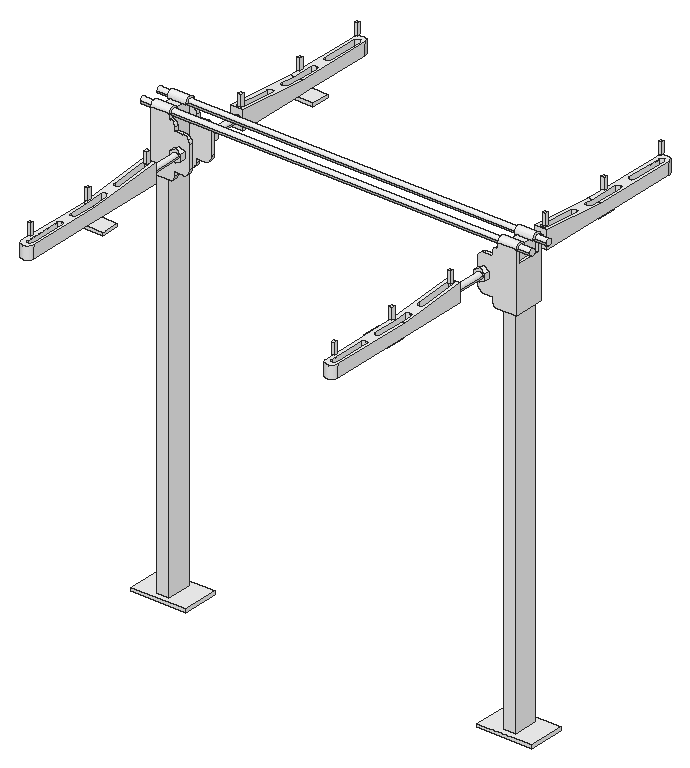
Revit family "MC-41D", category Plumbing Fixtures, host Face, Revit 2026
Family settings
  Host = Face
  Round Connector Dimension = Use Diameter
  Part Type = Normal
  Classification Number = 23.45.05.21.11
  Enable Cutting in Views = No
  Cut with Voids When Loaded = No
  Maintain Annotation Orientation = No
  Shared = No
  Room Calculation Point = No
Parameters
  WFU = 0
  URL = "www.mifab.com"
  Model = "MC-41D"
  Manufacturer = "MIFAB"
  Floor Drain Material = Paint - Sherwin Williams Paint - #952C2A - Bellwood Red
  Description = "Back To Back Fixture Carrier With Concealed Arms"
  Default Elevation = 0.000"
  Assembly Code = ""
Reference planes (in)
  plane 1 "Center (Front/Back)": y = 0
  plane 2: z = 0
  plane 3 "Center (Left/Right)": x = 0
Forms (in)
  Extrusion 1, solid, material "Paint - Sherwin Williams Paint - #952C2A - Bellwood Red" <- "Floor Drain Material"
    sketch origin (-0.29196, 0, 0) x (1, 0, 0) y (0, 1, 0)
      loop
        line (-16.49824, 1.5) -> (-16.49824, -1.5) -> (-11.99824, -1.5) -> (-11.99824, 1.5) -> (-16.49824, 1.5)
      loop
        line (16.50176, 1.5) -> (12.00176, 1.5) -> (12.00176, -1.5) -> (16.50176, -1.5) -> (16.50176, 1.5)
    from 0 to 0.25
  Extrusion 2, solid, material "Paint - Sherwin Williams Paint - #952C2A - Bellwood Red" <- "Floor Drain Material"
    sketch origin (-0.29196, 0, 0) x (1, 0, 0) y (0, 1, 0)
      loop
        line (-14.74824, 1) -> (-14.74824, -1) -> (-13.74824, -1) -> (-13.74824, 1) -> (-14.74824, 1)
      loop
        line (14.75176, 1) -> (13.75176, 1) -> (13.75176, -1) -> (14.75176, -1) -> (14.75176, 1)
    from 0.25 to 36
  Extrusion 3, solid, material "Paint - Sherwin Williams Paint - #952C2A - Bellwood Red" <- "Floor Drain Material"
    sketch origin (-0.29196, 0, 0) x (1, 0, 0) y (0, 0, 1)
      loop
        line (-15.01765, 35.70792) -> (-15.01765, 31.20792) -> (-13.5084, 31.20792)
        arc (-13.5084, 31.20792) -> (-13.18348, 31.3425) -> (-13.0489, 31.66742) r 0.4595
        line (-13.0489, 31.66742) -> (-13.0489, 31.95792) -> (-12.40223, 31.95792)
        arc (-12.40223, 31.95792) -> (-11.99771, 32.12548) -> (-11.83015, 32.53) r 0.57208
        line (-11.83015, 32.53) -> (-11.83015, 34.38583)
        arc (-11.83015, 34.38583) -> (-11.99771, 34.79036) -> (-12.40223, 34.95792) r 0.57208
        line (-12.40223, 34.95792) -> (-13.0489, 34.95792) -> (-13.0489, 35.24842)
        arc (-13.0489, 35.24842) -> (-13.18348, 35.57333) -> (-13.5084, 35.70792) r 0.4595
        line (-13.5084, 35.70792) -> (-15.01765, 35.70792)
      loop
        line (15.02118, 35.70792) -> (13.51193, 35.70792)
        arc (13.51193, 35.70792) -> (13.18701, 35.57333) -> (13.05243, 35.24842) r 0.4595
        line (13.05243, 35.24842) -> (13.05243, 34.95792) -> (12.40576, 34.95792)
        arc (12.40576, 34.95792) -> (12.00124, 34.79036) -> (11.83368, 34.38583) r 0.57208
        line (11.83368, 34.38583) -> (11.83368, 32.53)
        arc (11.83368, 32.53) -> (12.00124, 32.12548) -> (12.40576, 31.95792) r 0.57208
        line (12.40576, 31.95792) -> (13.05243, 31.95792) -> (13.05243, 31.66742)
        arc (13.05243, 31.66742) -> (13.18701, 31.3425) -> (13.51193, 31.20792) r 0.4595
        line (13.51193, 31.20792) -> (15.02118, 31.20792) -> (15.02118, 35.70792)
    from 1 to 1.25
  Extrusion 4, solid, material "Paint - Sherwin Williams Paint - #952C2A - Bellwood Red" <- "Floor Drain Material"
    sketch origin (-0.29196, 0, 0) x (1, 0, 0) y (0, 1, 0)
      loop
        line (-15.01765, 1) -> (-15.01765, -1) -> (-14.74824, -1) -> (-14.74824, 1) -> (-15.01765, 1)
      loop
        line (15.02118, 1) -> (14.75176, 1) -> (14.75176, -1) -> (15.02118, -1) -> (15.02118, 1)
    from 31.20792 to 34.95792
  Extrusion 5, solid, material "Paint - Sherwin Williams Paint - #952C2A - Bellwood Red" <- "Floor Drain Material"
    sketch origin (-0.2902, 0, 0) x (0, 1, 0) y (0, 0, 1)
      loop
        arc (-1, 36.05469) -> (-0.8261, 36.19805) -> (-0.71854, 36) r 0.14604
        line (-0.71854, 36) -> (-0.46171, 36)
        arc (-0.46171, 36) -> (-0.82655, 36.44978) -> (-1.25, 36.05469) r 0.39604
        line (-1.25, 36.05469) -> (-1.25, 35.70792) -> (-1, 35.70792) -> (-1, 36.05469)
    from 13.51016 to 15.01941
  Extrusion 6, solid, material "Paint - Sherwin Williams Paint - #952C2A - Bellwood Red" <- "Floor Drain Material"
    sketch origin (-0.29196, 0, 0) x (0, 1, 0) y (0, 0, -1)
      loop
        line (-1, -36.05469) -> (-1, -35.70792) -> (-1.25, -35.70792) -> (-1.25, -36.05469)
        arc (-1.25, -36.05469) -> (-0.82655, -36.44978) -> (-0.46171, -36) r 0.39604
        line (-0.46171, -36) -> (-0.71854, -36)
        arc (-0.71854, -36) -> (-0.8261, -36.19805) -> (-1, -36.05469) r 0.14604
    from 13.51016 to 15.01941
  Extrusion 7, solid, material "Paint - Sherwin Williams Paint - #952C2A - Bellwood Red" <- "Floor Drain Material"
    sketch origin (63.95522, 0, 0) x (0, 1, 0) y (0, 0, 1)
      loop
        circle (-0.85396, 36.06641) r 0.25
    from -80.24542 to -48.24542
  Extrusion 8, solid, material "Paint - Sherwin Williams Paint - #952C2A - Bellwood Red" <- "Floor Drain Material"
    sketch origin (11.65492, 1.72667, 0) x (0, 1, 0) y (0, 0, 1)
      loop
        line (-6.17964, 32.8507) -> (-6.17964, 34.3425) -> (-11.80094, 33.8507) -> (-18.14504, 33.8507) -> (-18.14504, 32.8507) -> (-6.17964, 32.8507)
    from 0 to 1
  Extrusion 9, solid, material "Paint - Sherwin Williams Paint - #952C2A - Bellwood Red" <- "Floor Drain Material"
    sketch origin (-2.04196, 0, 0.26247) x (1, 0, 0) y (0, 0, 1)
      loop
        circle (14.25176, 33.3507) r 0.25
      loop
        circle (-10.74824, 33.3507) r 0.25
    from 1.88789 to 4.45296
  Extrusion 10, solid, material "Paint - Sherwin Williams Paint - #952C2A - Bellwood Red" <- "Floor Drain Material"
    sketch origin (-0.29196, 0, 0) x (1, 0, 0) y (0, 0, 1)
      loop
        line (12.05665, 33.87016) -> (12.05665, 33.35618) -> (12.50176, 33.09919) -> (12.94688, 33.35618) -> (12.94688, 33.87016) -> (12.50176, 34.12715) -> (12.05665, 33.87016)
      loop
        line (-12.05312, 33.87016) -> (-12.49824, 34.12715) -> (-12.94335, 33.87016) -> (-12.94335, 33.35618) -> (-12.49824, 33.09919) -> (-12.05312, 33.35618) -> (-12.05312, 33.87016)
    from 1.5 to 1.88789
  Extrusion 11, solid, material "Paint - Sherwin Williams Paint - #952C2A - Bellwood Red" <- "Floor Drain Material"
    sketch origin (-12.33166, 1.12131, 0) x (0, 1, 0) y (0, 0, -1)
      loop
        line (-5.57427, -32.8507) -> (-17.53967, -32.8507) -> (-17.53967, -33.8507) -> (-11.80094, -33.8507) -> (-5.57427, -34.39547) -> (-5.57427, -32.8507)
    from 0 to 1
  Extrusion 12, solid, material "Paint - Sherwin Williams Paint - #952C2A - Bellwood Red" <- "Floor Drain Material"
    sketch origin (1.46157, 0, 32.8507) x (-1, 0, 0) y (0, -1, 0)
      loop
        line (13.79323, 16.41836) -> (14.79323, 16.41836) -> (14.79323, 17)
        arc (14.79323, 17) -> (14.29323, 17.5) -> (13.79323, 17) r 0.5
        line (13.79323, 17) -> (13.79323, 16.41836)
    from 0 to 1
  Extrusion 13, solid, material "Paint - Sherwin Williams Paint - #952C2A - Bellwood Red" <- "Floor Drain Material"
    sketch origin (-2.04196, 0, 32.8507) x (1, 0, 0) y (0, 1, 0)
      loop
        line (13.69688, -16.41836) -> (13.69688, -17)
        arc (13.69688, -17) -> (14.19688, -17.5) -> (14.69688, -17) r 0.5
        line (14.69688, -17) -> (14.69688, -16.41836) -> (13.69688, -16.41836)
    from 0 to 1
  Extrusion 14, void
    sketch origin (-0.29196, 0, 0) x (1, 0, 0) y (0, 1, 0)
      loop
        line (-12.74824, -4.80094) -> (-12.74824, -7.80094)
        arc (-12.74824, -7.80094) -> (-12.49824, -8.05094) -> (-12.24824, -7.80094) r 0.25
        line (-12.24824, -7.80094) -> (-12.24824, -4.80094)
        arc (-12.24824, -4.80094) -> (-12.49824, -4.55094) -> (-12.74824, -4.80094) r 0.25
      loop
        line (-12.74824, -9.30094) -> (-12.74824, -12.30094)
        arc (-12.74824, -12.30094) -> (-12.49824, -12.55094) -> (-12.24824, -12.30094) r 0.25
        line (-12.24824, -12.30094) -> (-12.24824, -9.30094)
        arc (-12.24824, -9.30094) -> (-12.49824, -9.05094) -> (-12.74824, -9.30094) r 0.25
      loop
        line (-12.74824, -13.80094) -> (-12.74824, -16.80094)
        arc (-12.74824, -16.80094) -> (-12.49824, -17.05094) -> (-12.24824, -16.80094) r 0.25
        line (-12.24824, -16.80094) -> (-12.24824, -13.80094)
        arc (-12.24824, -13.80094) -> (-12.49824, -13.55094) -> (-12.74824, -13.80094) r 0.25
      loop
        arc (12.75176, -4.80094) -> (12.50176, -4.55094) -> (12.25176, -4.80094) r 0.25
        line (12.25176, -4.80094) -> (12.25176, -7.80094)
        arc (12.25176, -7.80094) -> (12.50176, -8.05094) -> (12.75176, -7.80094) r 0.25
        line (12.75176, -7.80094) -> (12.75176, -4.80094)
      loop
        arc (12.75176, -9.30094) -> (12.50176, -9.05094) -> (12.25176, -9.30094) r 0.25
        line (12.25176, -9.30094) -> (12.25176, -12.30094)
        arc (12.25176, -12.30094) -> (12.50176, -12.55094) -> (12.75176, -12.30094) r 0.25
        line (12.75176, -12.30094) -> (12.75176, -9.30094)
      loop
        arc (12.75176, -13.80094) -> (12.50176, -13.55094) -> (12.25176, -13.80094) r 0.25
        line (12.25176, -13.80094) -> (12.25176, -16.80094)
        arc (12.25176, -16.80094) -> (12.50176, -17.05094) -> (12.75176, -16.80094) r 0.25
        line (12.75176, -16.80094) -> (12.75176, -13.80094)
    from 33.29844 to 34.37564
  Extrusion 15, solid, material "Paint - Sherwin Williams Paint - #952C2A - Bellwood Red" <- "Floor Drain Material"
    sketch origin (-2.04196, 0, 0) x (1, 0, 0) y (0, 1, 0)
      loop
        line (14.37676, -16.67594) -> (14.12676, -16.67594) -> (14.12676, -16.92594) -> (14.37676, -16.92594) -> (14.37676, -16.67594)
      loop
        line (14.37676, -4.95816) -> (14.37676, -4.74539) -> (14.12676, -4.74539) -> (14.12676, -4.95816) -> (14.37676, -4.95816)
      loop
        line (-10.87324, -16.67594) -> (-10.87324, -16.92594) -> (-10.62324, -16.92594) -> (-10.62324, -16.67594) -> (-10.87324, -16.67594)
      loop
        line (-10.87324, -4.95816) -> (-10.62324, -4.95816) -> (-10.62324, -4.70816) -> (-10.87324, -4.70816) -> (-10.87324, -4.95816)
    from 33.29844 to 35.29844
  Extrusion 16, solid, material "Paint - Sherwin Williams Paint - #952C2A - Bellwood Red" <- "Floor Drain Material"
    sketch origin (-2.04196, 0, 0.64279) x (1, 0, 0) y (0, 1, 0)
      loop
        line (12.50176, -10.07993) -> (12.50176, -11.57993) -> (14.50176, -11.57993) -> (14.50176, -10.07993) -> (12.50176, -10.07993)
      loop
        line (-8.99824, -10.07993) -> (-10.99824, -10.07993) -> (-10.99824, -11.57993) -> (-8.99824, -11.57993) -> (-8.99824, -10.07993)
    from 31.95792 to 32.20792
  Extrusion 17, solid, material "Paint - Sherwin Williams Paint - #952C2A - Bellwood Red" <- "Floor Drain Material"
    sketch origin (-2.04196, 5.89811, 0) x (1, 0, 0) y (0, 1, 0)
      loop
        line (14.37676, -16.67594) -> (14.12676, -16.67594) -> (14.12676, -16.92594) -> (14.37676, -16.92594) -> (14.37676, -16.67594)
      loop
        line (-10.87324, -16.67594) -> (-10.87324, -16.92594) -> (-10.62324, -16.92594) -> (-10.62324, -16.67594) -> (-10.87324, -16.67594)
    from 33.29844 to 35.29844
  Extrusion 18, solid, material "Paint - Sherwin Williams Paint - #952C2A - Bellwood Red" <- "Floor Drain Material"
    sketch origin (-0.29196, 2.25, 0) x (1, 0, 0) y (0, 0, 1)
      loop
        line (-15.01765, 35.70792) -> (-15.01765, 31.20792) -> (-13.5084, 31.20792)
        arc (-13.5084, 31.20792) -> (-13.18348, 31.3425) -> (-13.0489, 31.66742) r 0.4595
        line (-13.0489, 31.66742) -> (-13.0489, 31.95792) -> (-12.40223, 31.95792)
        arc (-12.40223, 31.95792) -> (-11.99771, 32.12548) -> (-11.83015, 32.53) r 0.57208
        line (-11.83015, 32.53) -> (-11.83015, 34.38583)
        arc (-11.83015, 34.38583) -> (-11.99771, 34.79036) -> (-12.40223, 34.95792) r 0.57208
        line (-12.40223, 34.95792) -> (-13.0489, 34.95792) -> (-13.0489, 35.24842)
        arc (-13.0489, 35.24842) -> (-13.18348, 35.57333) -> (-13.5084, 35.70792) r 0.4595
        line (-13.5084, 35.70792) -> (-15.01765, 35.70792)
      loop
        line (15.02118, 35.70792) -> (13.51193, 35.70792)
        arc (13.51193, 35.70792) -> (13.18701, 35.57333) -> (13.05243, 35.24842) r 0.4595
        line (13.05243, 35.24842) -> (13.05243, 34.95792) -> (12.40576, 34.95792)
        arc (12.40576, 34.95792) -> (12.00124, 34.79036) -> (11.83368, 34.38583) r 0.57208
        line (11.83368, 34.38583) -> (11.83368, 32.53)
        arc (11.83368, 32.53) -> (12.00124, 32.12548) -> (12.40576, 31.95792) r 0.57208
        line (12.40576, 31.95792) -> (13.05243, 31.95792) -> (13.05243, 31.66742)
        arc (13.05243, 31.66742) -> (13.18701, 31.3425) -> (13.51193, 31.20792) r 0.4595
        line (13.51193, 31.20792) -> (15.02118, 31.20792) -> (15.02118, 35.70792)
    from 1 to 1.25
  Extrusion 19, solid, material "Paint - Sherwin Williams Paint - #952C2A - Bellwood Red" <- "Floor Drain Material"
    sketch origin (63.95522, 1.70792, 0) x (0, 1, 0) y (0, 0, 1)
      loop
        circle (-0.85396, 36.06641) r 0.25
    from -80.24542 to -48.24542
  Extrusion 20, solid, material "Paint - Sherwin Williams Paint - #952C2A - Bellwood Red" <- "Floor Drain Material"
    sketch origin (-0.2902, 0, 0) x (0, -1, 0) y (0, 0, -1)
      loop
        line (-1, -36.05469) -> (-1, -35.70792) -> (-1.25, -35.70792) -> (-1.25, -36.05469)
        arc (-1.25, -36.05469) -> (-0.82655, -36.44978) -> (-0.46171, -36) r 0.39604
        line (-0.46171, -36) -> (-0.71854, -36)
        arc (-0.71854, -36) -> (-0.8261, -36.19805) -> (-1, -36.05469) r 0.14604
    from 13.51016 to 15.01941
  Extrusion 21, solid, material "Paint - Sherwin Williams Paint - #952C2A - Bellwood Red" <- "Floor Drain Material"
    sketch origin (-0.29196, 0, 0) x (0, -1, 0) y (0, 0, 1)
      loop
        arc (-1, 36.05469) -> (-0.8261, 36.19805) -> (-0.71854, 36) r 0.14604
        line (-0.71854, 36) -> (-0.46171, 36)
        arc (-0.46171, 36) -> (-0.82655, 36.44978) -> (-1.25, 36.05469) r 0.39604
        line (-1.25, 36.05469) -> (-1.25, 35.70792) -> (-1, 35.70792) -> (-1, 36.05469)
    from 13.51016 to 15.01941
  Extrusion 22, solid, material "Paint - Sherwin Williams Paint - #952C2A - Bellwood Red" <- "Floor Drain Material"
    sketch origin (11.65492, -1.72667, 0) x (0, -1, 0) y (0, 0, -1)
      loop
        line (-6.17964, -32.8507) -> (-18.14504, -32.8507) -> (-18.14504, -33.8507) -> (-11.80094, -33.8507) -> (-6.17964, -34.3425) -> (-6.17964, -32.8507)
    from 0 to 1
  Extrusion 23, solid, material "Paint - Sherwin Williams Paint - #952C2A - Bellwood Red" <- "Floor Drain Material"
    sketch origin (-2.04196, 0, 0.26247) x (1, 0, 0) y (0, 0, -1)
      loop
        circle (14.25176, -33.3507) r 0.25
      loop
        circle (-10.74824, -33.3507) r 0.25
    from 1.88789 to 4.45296
  Extrusion 24, solid, material "Paint - Sherwin Williams Paint - #952C2A - Bellwood Red" <- "Floor Drain Material"
    sketch origin (-0.29196, 0, 0) x (1, 0, 0) y (0, 0, -1)
      loop
        line (12.05665, -33.87016) -> (12.50176, -34.12715) -> (12.94688, -33.87016) -> (12.94688, -33.35618) -> (12.50176, -33.09919) -> (12.05665, -33.35618) -> (12.05665, -33.87016)
      loop
        line (-12.05312, -33.87016) -> (-12.05312, -33.35618) -> (-12.49824, -33.09919) -> (-12.94335, -33.35618) -> (-12.94335, -33.87016) -> (-12.49824, -34.12715) -> (-12.05312, -33.87016)
    from 1.5 to 1.88789
  Extrusion 25, solid, material "Paint - Sherwin Williams Paint - #952C2A - Bellwood Red" <- "Floor Drain Material"
    sketch origin (-12.33166, -1.12131, 0) x (0, -1, 0) y (0, 0, 1)
      loop
        line (-5.57427, 32.8507) -> (-5.57427, 34.39547) -> (-11.80094, 33.8507) -> (-17.53967, 33.8507) -> (-17.53967, 32.8507) -> (-5.57427, 32.8507)
    from 0 to 1
  Extrusion 26, solid, material "Paint - Sherwin Williams Paint - #952C2A - Bellwood Red" <- "Floor Drain Material"
    sketch origin (1.46157, 0, 32.8507) x (-1, 0, 0) y (0, -1, 0)
      loop
        line (13.79323, -16.41836) -> (13.79323, -17)
        arc (13.79323, -17) -> (14.29323, -17.5) -> (14.79323, -17) r 0.5
        line (14.79323, -17) -> (14.79323, -16.41836) -> (13.79323, -16.41836)
    from 0 to 1
  Extrusion 27, solid, material "Paint - Sherwin Williams Paint - #952C2A - Bellwood Red" <- "Floor Drain Material"
    sketch origin (-2.04196, 0, 32.8507) x (1, 0, 0) y (0, 1, 0)
      loop
        line (13.69688, 16.41836) -> (14.69688, 16.41836) -> (14.69688, 17)
        arc (14.69688, 17) -> (14.19688, 17.5) -> (13.69688, 17) r 0.5
        line (13.69688, 17) -> (13.69688, 16.41836)
    from 0 to 1
  Extrusion 28, void
    sketch origin (-0.29196, 0, 0) x (1, 0, 0) y (0, 1, 0)
      loop
        arc (-12.74824, 4.80094) -> (-12.49824, 4.55094) -> (-12.24824, 4.80094) r 0.25
        line (-12.24824, 4.80094) -> (-12.24824, 7.80094)
        arc (-12.24824, 7.80094) -> (-12.49824, 8.05094) -> (-12.74824, 7.80094) r 0.25
        line (-12.74824, 7.80094) -> (-12.74824, 4.80094)
      loop
        arc (-12.74824, 9.30094) -> (-12.49824, 9.05094) -> (-12.24824, 9.30094) r 0.25
        line (-12.24824, 9.30094) -> (-12.24824, 12.30094)
        arc (-12.24824, 12.30094) -> (-12.49824, 12.55094) -> (-12.74824, 12.30094) r 0.25
        line (-12.74824, 12.30094) -> (-12.74824, 9.30094)
      loop
        arc (-12.74824, 13.80094) -> (-12.49824, 13.55094) -> (-12.24824, 13.80094) r 0.25
        line (-12.24824, 13.80094) -> (-12.24824, 16.80094)
        arc (-12.24824, 16.80094) -> (-12.49824, 17.05094) -> (-12.74824, 16.80094) r 0.25
        line (-12.74824, 16.80094) -> (-12.74824, 13.80094)
      loop
        line (12.75176, 4.80094) -> (12.75176, 7.80094)
        arc (12.75176, 7.80094) -> (12.50176, 8.05094) -> (12.25176, 7.80094) r 0.25
        line (12.25176, 7.80094) -> (12.25176, 4.80094)
        arc (12.25176, 4.80094) -> (12.50176, 4.55094) -> (12.75176, 4.80094) r 0.25
      loop
        line (12.75176, 9.30094) -> (12.75176, 12.30094)
        arc (12.75176, 12.30094) -> (12.50176, 12.55094) -> (12.25176, 12.30094) r 0.25
        line (12.25176, 12.30094) -> (12.25176, 9.30094)
        arc (12.25176, 9.30094) -> (12.50176, 9.05094) -> (12.75176, 9.30094) r 0.25
      loop
        line (12.75176, 13.80094) -> (12.75176, 16.80094)
        arc (12.75176, 16.80094) -> (12.50176, 17.05094) -> (12.25176, 16.80094) r 0.25
        line (12.25176, 16.80094) -> (12.25176, 13.80094)
        arc (12.25176, 13.80094) -> (12.50176, 13.55094) -> (12.75176, 13.80094) r 0.25
    from 33.29844 to 34.37564
  Extrusion 29, solid, material "Paint - Sherwin Williams Paint - #952C2A - Bellwood Red" <- "Floor Drain Material"
    sketch origin (-2.04196, 0, 0) x (1, 0, 0) y (0, 1, 0)
      loop
        line (14.37676, 16.67594) -> (14.37676, 16.92594) -> (14.12676, 16.92594) -> (14.12676, 16.67594) -> (14.37676, 16.67594)
      loop
        line (14.37676, 4.95816) -> (14.12676, 4.95816) -> (14.12676, 4.74539) -> (14.37676, 4.74539) -> (14.37676, 4.95816)
      loop
        line (-10.87324, 16.67594) -> (-10.62324, 16.67594) -> (-10.62324, 16.92594) -> (-10.87324, 16.92594) -> (-10.87324, 16.67594)
      loop
        line (-10.87324, 4.95816) -> (-10.87324, 4.70816) -> (-10.62324, 4.70816) -> (-10.62324, 4.95816) -> (-10.87324, 4.95816)
    from 33.29844 to 35.29844
  Extrusion 30, solid, material "Paint - Sherwin Williams Paint - #952C2A - Bellwood Red" <- "Floor Drain Material"
    sketch origin (-2.04196, 0, 0.64279) x (1, 0, 0) y (0, 1, 0)
      loop
        line (12.50176, 10.07993) -> (14.50176, 10.07993) -> (14.50176, 11.57993) -> (12.50176, 11.57993) -> (12.50176, 10.07993)
      loop
        line (-8.99824, 10.07993) -> (-8.99824, 11.57993) -> (-10.99824, 11.57993) -> (-10.99824, 10.07993) -> (-8.99824, 10.07993)
    from 31.95792 to 32.20792
  Extrusion 31, solid, material "Paint - Sherwin Williams Paint - #952C2A - Bellwood Red" <- "Floor Drain Material"
    sketch origin (-2.04196, -5.89811, 0) x (1, 0, 0) y (0, 1, 0)
      loop
        line (14.37676, 16.67594) -> (14.37676, 16.92594) -> (14.12676, 16.92594) -> (14.12676, 16.67594) -> (14.37676, 16.67594)
      loop
        line (-10.87324, 16.67594) -> (-10.62324, 16.67594) -> (-10.62324, 16.92594) -> (-10.87324, 16.92594) -> (-10.87324, 16.67594)
    from 33.29844 to 35.29844
Cuts and joins
  Extrusion 14, Extrusion 28 cuts Extrusion 8
  Extrusion 14, Extrusion 28 cuts Extrusion 11
  Extrusion 14, Extrusion 28 cuts Extrusion 12
  Extrusion 14, Extrusion 28 cuts Extrusion 13
  Extrusion 14, Extrusion 28 cuts Extrusion 15
  Extrusion 14, Extrusion 28 cuts Extrusion 17
  Extrusion 28 cuts Extrusion 22
  Extrusion 28 cuts Extrusion 25
  Extrusion 28 cuts Extrusion 26
  Extrusion 28 cuts Extrusion 27
  Extrusion 28 cuts Extrusion 29
  Extrusion 28 cuts Extrusion 31
  joined: Extrusion 2, Extrusion 3, Extrusion 4, Extrusion 5, Extrusion 6, Extrusion 7, Extrusion 8, Extrusion 10, Extrusion 11, Extrusion 12, Extrusion 13, Extrusion 15, Extrusion 16, Extrusion 17, Extrusion 18, Extrusion 19, Extrusion 20, Extrusion 21, Extrusion 22, Extrusion 23, Extrusion 24, Extrusion 25, Extrusion 26, Extrusion 27, Extrusion 29, Extrusion 30, Extrusion 31
Dimensions and locks (in)
  Extrusion 1 sketch curve to Extrusion 1 sketch curve = 24.000"  (x2)
  locked: Extrusion 1 sketch curve to Extrusion 1 sketch curve at 4.5  (x2)
  aligned and locked: plane 2 to host face
  aligned and locked: level to host face
  aligned and locked: Extrusion 2 to Extrusion 1
  aligned and locked: Extrusion 3 to Extrusion 2
  aligned and locked: Extrusion 4 to Extrusion 3  (x2)
  aligned and locked: Extrusion 2 to Extrusion 4  (x2)
  aligned and locked: Extrusion 11 to Extrusion 9
  aligned and locked: Extrusion 3 to Extrusion 20
  aligned and locked: Extrusion 5 to Extrusion 3
  aligned and locked: Extrusion 6 to Extrusion 3
  aligned and locked: Extrusion 21 to Extrusion 3
  aligned and locked: Extrusion 6 to Extrusion 2
  aligned and locked: Extrusion 21 to Extrusion 2
  aligned and locked: Extrusion 5 to Extrusion 20
  aligned and locked: Extrusion 5 to Extrusion 6
  aligned and locked: Extrusion 5 to Extrusion 2
  aligned and locked: Extrusion 20 to Extrusion 2
  aligned and locked: Extrusion 10 to Extrusion 9
  aligned and locked: Extrusion 13 to cut or joined group 1 (Extrusion 2, Extrusion 3, Extrusion 4, Extrusion 5, Extrusion 6, Extrusion 7, Extrusion 8, Extrusion 10, Extrusion 11, Extrusion 12, Extrusion 13, Extrusion 14, Extrusion 15, Extrusion 16, Extrusion 17, Extrusion 18, Extrusion 19, Extrusion 20, Extrusion 21, Extrusion 22, Extrusion 23, Extrusion 24, Extrusion 25, Extrusion 26, Extrusion 27, Extrusion 28, Extrusion 29, Extrusion 30, Extrusion 31)
  aligned and locked: Extrusion 11 to cut or joined group 1  (x2)
  aligned and locked: Extrusion 23 to Extrusion 25
  aligned and locked: Extrusion 23 to Extrusion 24
  aligned and locked: Extrusion 22 to Extrusion 27
  aligned and locked: Extrusion 8 to Extrusion 13
  aligned and locked: Extrusion 13 to Extrusion 8
